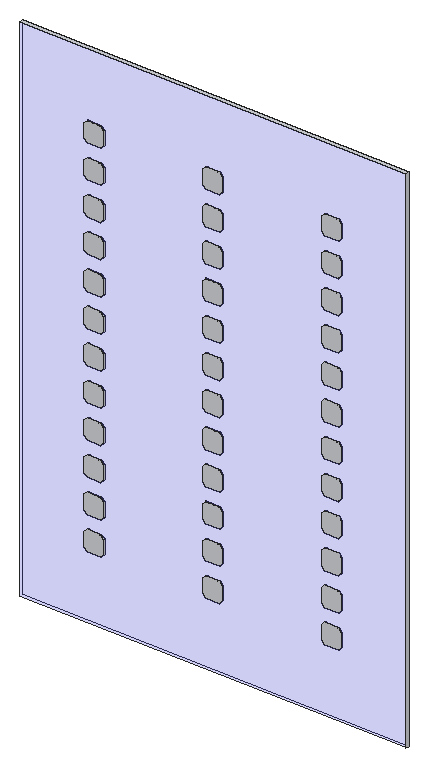
Revit family "Solar Cell Module", category Curtain Panels, Revit 2016
Family settings
  OmniClass Number = 23.25.20.14.11.11.17
  OmniClass Title = Infill Panels
  Always vertical = Yes
  Cut with Voids When Loaded = No
  Shared = No
Parameters
  Width [instance] = 3000 mm
  Panel Width [instance] = Width  # 3000 mm
  Panel Height [instance] = Height  # 4000 mm
  Height [instance] = 4000 mm
  Edge [instance] = 500 mm
  Cells Up [instance] = 12
  Cells Across [instance] = 3
  Cell Spread Up [instance] = Height - Edge * 2  # 3000 mm
  Cell Spread [instance] = Width - Edge * 2  # 2000 mm
Reference planes
  plane 1 "Center (Front/Back)": y = 0
  plane 2: z = 0
  plane 3 "Center (Left/Right)": x = 0
  plane 4 "Left": x = -1500
  plane 5 "Right": x = 1500
  plane 6 "Top": z = 4000
Forms (mm)
  Extrusion 1, solid
    sketch origin (0, 0, 0) x (1, 0, 0) y (0, 0, 1)
      loop
        line (1500, 4000) -> (-1500, 4000) -> (-1500, 0) -> (1500, 0) -> (1500, 4000)
    from 0 to 25
Text (mm)
  text "Exterior" at (-2351.972, 1416.179, 0), in view "Ref. Level"
  text "Exterior" at (0, 2290.741, 4406.713), in view "Left"
  text "Exterior" at (0, 1328.187, 4120.349), in view "Right"
Dimensions and locks
  equal spacing: plane 4 "Left", plane 3 "Center (Left/Right)", plane 5 "Right"
  "Height": plane 2 to plane 6 "Top"
  "Panel Width": Extrusion 1 to Extrusion 1
  "Width": plane 4 "Left" to plane 5 "Right"
  "Panel Height": Extrusion 1 to Extrusion 1
  equal spacing: group 4, group 6, group 5  (x3)
  "Cell Spread": nested 5 to nested 4
  "Edge": nested 4 to Extrusion 1
  "Edge": nested 4 to level
  "Cell Spread Up": nested 4 to nested 4
  "Edge": nested 5 to level
  "Cell Spread Up": nested 5 to nested 5
  aligned and locked: level to plane 2
Automatic sketch dimensions
  Extrusion 1 sketch curve to plane 3 "Center (Left/Right)" = 1500 mm
  Extrusion 1 sketch curve to level = 0 mm
  plane 5 "Right" to Extrusion 1 sketch curve = 0 mm
  Extrusion 1 sketch curve to plane 6 "Top" = 0 mm
Nested families
  nested 1: "Solar Cell" at (1294, 0, 50), type "Solar Cell", not visible
  nested 2: "Solar Cell" at (-78, -25, 214.245), type "Solar Cell", not visible
  nested 3: "Solar Cell" at (-1000, -25, 500), type "Solar Cell", not visible
  nested 4: "Solar Cell Array" at (-922, -25, 500), Cells Up <- "Cells Up", built-in parameter 1001364 <- "Edge", UpSpread <- "Cell Spread Up", type "Solar Cell Array"
    with UpSpread 3000 mm, Cells Up 12
  nested 5: "Solar Cell Array" at (922, -25, 500), Cells Up <- "Cells Up", built-in parameter 1001364 <- "Edge", UpSpread <- "Cell Spread Up", type "Solar Cell Array"
    with UpSpread 3000 mm, Cells Up 12
  nested 6: "Solar Cell Array" at (0, -25, 500), Cells Up <- "Cells Up", built-in parameter 1001364 <- "Edge", UpSpread <- "Cell Spread Up", type "Solar Cell Array"
    with UpSpread 3000 mm, Cells Up 12
Definition of nested family "Solar Cell"
  Reference planes
    plane 1 "Center (Front/Back)": y = 0
    plane 2: z = 0
    plane 3 "Center (Left/Right)": x = 0
  Forms (mm)
    Extrusion 1, solid
      sketch origin (0, 0, 0) x (1, 0, 0) y (0, 0, 1)
        loop
          line (25, 0) -> (131, 0) -> (156, 25) -> (156, 131) -> (131, 156) -> (25, 156) -> (0, 131) -> (0, 25) -> (25, 0)
      from 0 to 1
  Lines and regions (mm)
    reference lines
      curve 1: line (-50, 0, 25) -> (-50, 0, 131)
      curve 2: line (131, 0, -50) -> (25, 0, -50)
      curve 3: line (78, 0, 156) -> (78, 0, 0)
      curve 4: line (206, 0, 131) -> (206, 0, 25)
      curve 5: line (25, 0, 206) -> (131, 0, 206)
  Dimensions and locks
    locked: Extrusion 1 to curve 1 at 50
    locked: Extrusion 1 to curve 2 at 50
    equal spacing: Extrusion 1, curve 3, Extrusion 1
    locked: Extrusion 1 to curve 4 at 50
    locked: curve 5 to Extrusion 1 at 50
    aligned and locked: level to plane 2
    aligned and locked: Extrusion 1 sketch curve to plane 3 "Center (Left/Right)"
    aligned and locked: Extrusion 1 sketch curve to level
  Automatic sketch dimensions
    plane 3 "Center (Left/Right)" to Extrusion 1 sketch curve = 25 mm  (x2)
    Extrusion 1 sketch curve to Extrusion 1 sketch curve = 106 mm  (x4)
    Extrusion 1 sketch curve to Extrusion 1 sketch curve = 25 mm  (x2)
    level to Extrusion 1 sketch curve = 25 mm  (x2)
    curve 3 to level = 0 mm
    curve 1 to plane 3 "Center (Left/Right)" = 50 mm
    plane 3 "Center (Left/Right)" to curve 2 = 25 mm
    plane 3 "Center (Left/Right)" to curve 3 = 78 mm
    curve 3 to curve 2 = 53 mm
    curve 2 to level = 50 mm
    level to curve 1 = 25 mm
    curve 1 to curve 1 = 106 mm
    curve 1 to curve 3 = 25 mm
Definition of nested family "Solar Cell Array"
  Parameters (values of type "Solar Cell Array")
    UpSpread [instance] = 1456 mm
    Cells Up [instance] = 6
  Reference planes
    plane 1 "Center (Front/Back)": y = 0
    plane 2: z = 0
    plane 3 "Center (Left/Right)": x = 0
  Dimensions and locks
    equal spacing: group 1, group 3, group 4, group 5, group 6, group 2  (x3)
    equal spacing: nested 2, nested 6, nested 5, nested 4, nested 3, nested 1
    "UpSpread": nested 2 to level
    aligned and locked: level to plane 2
  Nested families
    nested 1: "Solar Cell" at (-78, 0, 0), type "Solar Cell"
    nested 2: "Solar Cell" at (-78, 0, 1300), type "Solar Cell"
    nested 3: "Solar Cell" at (-78, 0, 260), type "Solar Cell"
    nested 4: "Solar Cell" at (-78, 0, 520), type "Solar Cell"
    nested 5: "Solar Cell" at (-78, 0, 780), type "Solar Cell"
    nested 6: "Solar Cell" at (-78, 0, 1040), type "Solar Cell"
  Definition of nested family "Solar Cell"
    Reference planes
      plane 1 "Center (Front/Back)": y = 0
      plane 2: z = 0
      plane 3 "Center (Left/Right)": x = 0
    Forms (mm)
      Extrusion 1, solid
        sketch origin (0, 0, 0) x (1, 0, 0) y (0, 0, 1)
          loop
            line (25, 0) -> (131, 0) -> (156, 25) -> (156, 131) -> (131, 156) -> (25, 156) -> (0, 131) -> (0, 25) -> (25, 0)
        from 0 to 1
    Lines and regions (mm)
      reference lines
        curve 1: line (-50, 0, 25) -> (-50, 0, 131)
        curve 2: line (131, 0, -50) -> (25, 0, -50)
        curve 3: line (78, 0, 156) -> (78, 0, 0)
        curve 4: line (206, 0, 131) -> (206, 0, 25)
        curve 5: line (25, 0, 206) -> (131, 0, 206)
    Dimensions and locks
      locked: Extrusion 1 to curve 1 at 50
      locked: Extrusion 1 to curve 2 at 50
      equal spacing: Extrusion 1, curve 3, Extrusion 1
      locked: Extrusion 1 to curve 4 at 50
      locked: curve 5 to Extrusion 1 at 50
      aligned and locked: level to plane 2
      aligned and locked: Extrusion 1 sketch curve to plane 3 "Center (Left/Right)"
      aligned and locked: Extrusion 1 sketch curve to level
    Automatic sketch dimensions
      plane 3 "Center (Left/Right)" to Extrusion 1 sketch curve = 25 mm  (x2)
      Extrusion 1 sketch curve to Extrusion 1 sketch curve = 106 mm  (x4)
      Extrusion 1 sketch curve to Extrusion 1 sketch curve = 25 mm  (x2)
      level to Extrusion 1 sketch curve = 25 mm  (x2)
      curve 3 to level = 0 mm
      curve 1 to plane 3 "Center (Left/Right)" = 50 mm
      plane 3 "Center (Left/Right)" to curve 2 = 25 mm
      plane 3 "Center (Left/Right)" to curve 3 = 78 mm
      curve 3 to curve 2 = 53 mm
      curve 2 to level = 50 mm
      level to curve 1 = 25 mm
      curve 1 to curve 1 = 106 mm
      curve 1 to curve 3 = 25 mm
